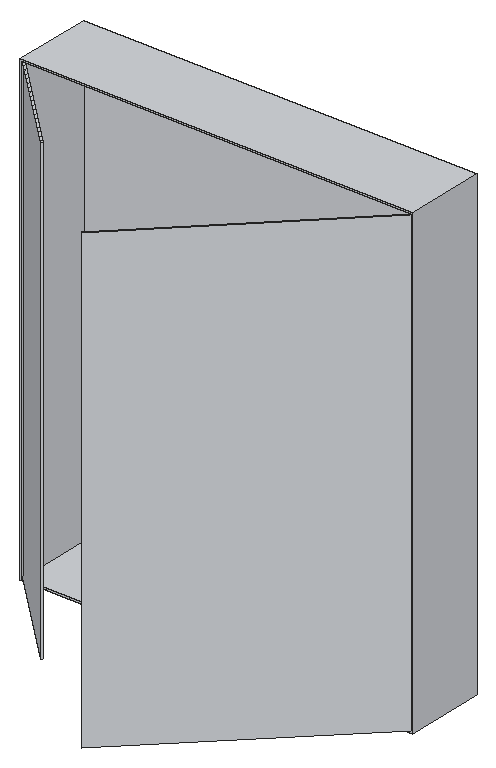
Revit family "Univers-IP44-leer-Aufputz-NoHosted-AT-de", category Electrical Equipment, Revit 2020
Family settings
  Panel Configuration = Two Columns, Circuits Across
  Round Connector Dimension = Use Diameter
  Part Type = Panelboard
  Work Plane-Based = Yes
  Always vertical = Yes
  Cut with Voids When Loaded = No
  Shared = No
  Room Calculation Point = No
Parameters (values of type "Aufputz IP44 B800 H950 T161 0 Teilungseinheiten - FWB63D")
  Width Control [instance] = if([HG000006 - Unterputz], if([EF000846 - Einbaubreite] > min_whd, [EF000846 - Einbaubreite], min_whd), if([EF000008 - Breite] > min_whd, ([EF000008 - Breite]), min_whd))  # 800 mm
  Void Depth [instance] = if([EF000218 - Einbautiefe] > 1 mm, [EF000218 - Einbautiefe], 1 mm)  # 161 mm
  Type Comments = [HG000003 - Bereich]  # "Univers"
  System Height [instance] = Height Control - 2 * [HG000005 - Dicke]  # 944 mm
  Panel Name [instance] = ""  # (empty or 0)
  Offset [instance] = 0 mm
  Model = [HG000004 - Herstellerreferenz]  # "FWB63D"
  Level Offset [instance] = [Flush Mounted - Door Frame Width] + Offset  # 0 mm
  HG000011 - Leere Reihen von unten = no
  HG000010 - Asymmetrische Türen = yes
  HG000009 - Doppelflügeligen Tür = yes
  HG000008 - Anzahl der leeren Reihen = 0
  HG000007 - Anzahl der leeren Spalten = 0
  HG000006 - Unterputz = no
  HG000005 - Dicke = 3 mm  # constant formula
  HG000004 - Herstellerreferenz = "FWB63D"
  HG000003 - Bereich = "Univers"
  HG000002 - Mit tür = yes
  HG000001 - Anzahl der Spalten = 0
  EF015941 - Signaldurchlassende Tür = no
  EF015777 - Neutralleiterklemmenblock = no
  EF015776 - Erdungsklemmenblock = no
  EF009212 - Ausführung Deckel = "EV000116 - geschlossen"
  EF006306 - Mit Schloss = no
  EF006244 - Transparenter Deckel/Tür = no
  EF005474 - Schutzart (IP) = "EV006418 - IP44"
  EF004462 - Art der Schließung = "EV000154 - sonstige"
  EF002950 - Breite in Teilungseinheiten = 0
  EF001596 - Werkstoff des Gehäuses = "EV000179 - Stahl"
  EF001134 - DIN-Schiene = no
  EF001131 - Innentiefe = 156 mm
  EF001088 - Anbaumöglichkeit = no
  EF001062 - EMV-Ausführung = no
  EF000846 - Einbaubreite = 800 mm
  EF000339 - Art der Abdeckung = "EV004216 - Tür"
  EF000332 - Einbauhöhe = 950 mm
  EF000266 - Anzahl der Reihen = 0
  EF000218 - Einbautiefe = 161 mm
  EF000118 - Mit Montageplatte = no
  EF000116 - RAL-Nummer = "9010"
  EF000049 - Tiefe = 161 mm
  EF000040 - Höhe = 950 mm
  EF000008 - Breite = 800 mm
  EF000007 - Farbe = "EV000202 - weiß"
  EF000003 - Montageart = "EV001247 - Aufputz/Unterputz"
  Description = ""
  Default Elevation = 1219.2 mm
  Arrow Offset [instance] = Depth Control / 8  # 20.125 mm
  Arrow Height [instance] = Depth Control - Arrow Offset  # 140.875 mm
  Host Offset [instance] = if([HG000006 - Unterputz], 0 mm, [EF000049 - Tiefe])  # 161 mm
  min_whd [instance] = (2 * [HG000005 - Dicke]) + 1 mm  # 7 mm
  Manufacturer = "Hager"  # constant formula
  Height Control [instance] = if([HG000006 - Unterputz], if([EF000332 - Einbauhöhe] > min_whd, [EF000332 - Einbauhöhe], min_whd), if([EF000040 - Höhe] > min_whd, ([EF000040 - Höhe]), min_whd))  # 950 mm
  Flush Mounted - Door Frame Width [instance] = if(([EF000040 - Höhe] - [EF000332 - Einbauhöhe]) > 0 mm, if([HG000006 - Unterputz], [EF000040 - Höhe] - [EF000332 - Einbauhöhe], 0 mm), 0 mm)  # 0 mm
  Tür rechts [instance] = yes
  Tür links [instance] = not(Tür rechts)  # no
  Türschwenkwinkel [instance] = 45.00°
  3D-Türsichtbarkeit [instance] = yes
  Depth Control [instance] = if([HG000006 - Unterputz], if([EF000218 - Einbautiefe] > 0 mm, [EF000218 - Einbautiefe], 1 mm), if([EF000049 - Tiefe] > 0 mm, ([EF000049 - Tiefe]), 1 mm))  # 161 mm
  Sichtbarkeit der Türöffnung [instance] = no
Types (21, lengths in mm): name | Width Control | Void Depth | System Height | Model | HG000010 - Asymmetrische Türen | HG000009 - Doppelflügeligen Tür | HG000004 - Herstellerreferenz | EF009212 - Ausführung Deckel | EF004462 - Art der Schließung | EF001131 - Innentiefe | EF000846 - Einbaubreite | EF000332 - Einbauhöhe | EF000218 - Einbautiefe | EF000049 - Tiefe | EF000040 - Höhe | EF000008 - Breite | Arrow Offset | Arrow Height | Host Offset | Height Control | Depth Control
  Aufputz IP44 B1050 H1100 T161 0 Teilungseinheiten - FWB74D | 1050 | 161 | 1094 | "FWB74D" | no | yes | "FWB74D" | "EV000116 - geschlossen" | "EV000154 - sonstige" | 160 | 1050 | 1100 | 161 | 161 | 1100 | 1050 | 20.125 | 140.875 | 161 | 1100 | 161
  Aufputz IP44 B1050 H500 T161 0 Teilungseinheiten - FWB34D | 1050 | 161 | 494 | "FWB34D" | no | yes | "FWB34D" | "EV000116 - geschlossen" | "EV000154 - sonstige" | 156 | 1050 | 500 | 161 | 161 | 500 | 1050 | 20.125 | 140.875 | 161 | 500 | 161
  Aufputz IP44 B1050 H650 T161 0 Teilungseinheiten - FWB44D | 1050 | 161 | 644 | "FWB44D" | no | yes | "FWB44D" | "EV000116 - geschlossen" | "EV000154 - sonstige" | 156 | 1050 | 650 | 161 | 161 | 650 | 1050 | 20.125 | 140.875 | 161 | 650 | 161
  Aufputz IP44 B1050 H800 T161 0 Teilungseinheiten - FWB54D | 1050 | 161 | 794 | "FWB54D" | no | yes | "FWB54D" | "EV000116 - geschlossen" | "EV000154 - sonstige" | 156 | 1050 | 800 | 161 | 161 | 800 | 1050 | 20.125 | 140.875 | 161 | 800 | 161
  Aufputz IP44 B1050 H950 T161 0 Teilungseinheiten - FWB64D | 1050 | 161 | 944 | "FWB64D" | no | yes | "FWB64D" | "EV000116 - geschlossen" | "EV000154 - sonstige" | 156 | 1050 | 950 | 161 | 161 | 950 | 1050 | 20.125 | 140.875 | 161 | 950 | 161
  Aufputz IP44 B300 H1100 T161 0 Teilungseinheiten - FWB71D | 300 | 161 | 1094 | "FWB71D" | no | no | "FWB71D" | "EV000116 - geschlossen" | "EV000154 - sonstige" | 160 | 300 | 1100 | 161 | 161 | 1100 | 300 | 20.125 | 140.875 | 161 | 1100 | 161
  Aufputz IP44 B300 H1250 T160 0 Teilungseinheiten - FWB81D | 300 | 160 | 1244 | "FWB81D" | no | no | "FWB81D" | "EV000116 - geschlossen" | "0" | 160 | 300 | 1250 | 160 | 160 | 1250 | 300 | 20 | 140 | 160 | 1250 | 160
  Aufputz IP44 B300 H500 T161 0 Teilungseinheiten - FWB31D | 300 | 161 | 494 | "FWB31D" | no | no | "FWB31D" | "EV000116 - geschlossen" | "EV000154 - sonstige" | 156 | 300 | 500 | 161 | 161 | 500 | 300 | 20.125 | 140.875 | 161 | 500 | 161
  Aufputz IP44 B300 H650 T161 0 Teilungseinheiten - FWB41D | 300 | 161 | 644 | "FWB41D" | no | no | "FWB41D" | "EV000116 - geschlossen" | "EV000154 - sonstige" | 160 | 300 | 650 | 161 | 161 | 650 | 300 | 20.125 | 140.875 | 161 | 650 | 161
  Aufputz IP44 B300 H800 T161 0 Teilungseinheiten - FWB51D | 300 | 161 | 794 | "FWB51D" | no | no | "FWB51D" | "EV000116 - geschlossen" | "EV000154 - sonstige" | 160 | 300 | 800 | 161 | 161 | 800 | 300 | 20.125 | 140.875 | 161 | 800 | 161
  Aufputz IP44 B300 H950 T161 0 Teilungseinheiten - FWB61D | 300 | 161 | 944 | "FWB61D" | no | no | "FWB61D" | "EV000116 - geschlossen" | "EV000154 - sonstige" | 160 | 300 | 950 | 161 | 161 | 950 | 300 | 20.125 | 140.875 | 161 | 950 | 161
  Aufputz IP44 B550 H1100 T161 0 Teilungseinheiten - FWB72D | 550 | 161 | 1094 | "FWB72D" | no | no | "FWB72D" | "EV000116 - geschlossen" | "EV000154 - sonstige" | 160 | 550 | 1100 | 161 | 161 | 1100 | 550 | 20.125 | 140.875 | 161 | 1100 | 161
  Aufputz IP44 B550 H500 T161 0 Teilungseinheiten - FWB32D | 550 | 161 | 494 | "FWB32D" | no | no | "FWB32D" | "EV000116 - geschlossen" | "EV000154 - sonstige" | 156 | 550 | 500 | 161 | 161 | 500 | 550 | 20.125 | 140.875 | 161 | 500 | 161
  Aufputz IP44 B550 H650 T161 0 Teilungseinheiten - FWB42D | 550 | 161 | 644 | "FWB42D" | no | no | "FWB42D" | "EV000116 - geschlossen" | "EV000154 - sonstige" | 160 | 550 | 650 | 161 | 161 | 650 | 550 | 20.125 | 140.875 | 161 | 650 | 161
  Aufputz IP44 B550 H800 T161 0 Teilungseinheiten - FWB52D | 550 | 161 | 794 | "FWB52D" | no | no | "FWB52D" | "EV000116 - geschlossen" | "EV000154 - sonstige" | 160 | 550 | 800 | 161 | 161 | 800 | 550 | 20.125 | 140.875 | 161 | 800 | 161
  Aufputz IP44 B550 H950 T161 0 Teilungseinheiten - FWB62D | 550 | 161 | 944 | "FWB62D" | no | no | "FWB62D" | "EV000116 - geschlossen" | "EV000154 - sonstige" | 160 | 550 | 950 | 161 | 161 | 950 | 550 | 20.125 | 140.875 | 161 | 950 | 161
  Aufputz IP44 B800 H1100 T161 0 Teilungseinheiten - FWB73D | 800 | 161 | 1094 | "FWB73D" | yes | yes | "FWB73D" | "EV000116 - geschlossen" | "EV000154 - sonstige" | 156 | 800 | 1100 | 161 | 161 | 1100 | 800 | 20.125 | 140.875 | 161 | 1100 | 161
  Aufputz IP44 B800 H500 T161 0 Teilungseinheiten - FWB33D | 800 | 161 | 494 | "FWB33D" | yes | yes | "FWB33D" | "EV000116 - geschlossen" | "EV000154 - sonstige" | 160 | 800 | 500 | 161 | 161 | 500 | 800 | 20.125 | 140.875 | 161 | 500 | 161
  Aufputz IP44 B800 H650 T161 0 Teilungseinheiten - FWB43D | 800 | 161 | 644 | "FWB43D" | yes | yes | "FWB43D" | "EV009916 - mit Ausschnitt" | "EV000154 - sonstige" | 160 | 800 | 650 | 161 | 161 | 650 | 800 | 20.125 | 140.875 | 161 | 650 | 161
  Aufputz IP44 B800 H800 T161 0 Teilungseinheiten - FWB53D | 800 | 161 | 794 | "FWB53D" | yes | yes | "FWB53D" | "EV000116 - geschlossen" | "EV000154 - sonstige" | 160 | 800 | 800 | 161 | 161 | 800 | 800 | 20.125 | 140.875 | 161 | 800 | 161
  Aufputz IP44 B800 H950 T161 0 Teilungseinheiten - FWB63D | 800 | 161 | 944 | "FWB63D" | yes | yes | "FWB63D" | "EV000116 - geschlossen" | "EV000154 - sonstige" | 156 | 800 | 950 | 161 | 161 | 950 | 800 | 20.125 | 140.875 | 161 | 950 | 161
Reference planes
  plane 1 "Center (Front/Back)": y = 0
  plane 2: z = 0
  plane 3 "Center (Left/Right)": x = 0
  plane 4: y = 3
  plane 5: y = 0
  plane 6: y = 0
  plane 7: z = 0
  plane 8: x = -400
  plane 9: x = 400
  plane 10: x = 397
  plane 11: x = -397
  plane 12: z = 0
  plane 13: z = 3
  plane 14: y = -156
  plane 15: y = -161
  plane 16: y = -3
  plane 17: z = 947
  plane 18: z = 950
  plane 19: z = 475
  plane 20: x = 2000
  plane 21: x = 0
  plane 22: y = -2100
  plane 23: y = -100
Forms (mm)
  Extrusion 1, solid
    sketch origin (-208.679, -4572, 0) x (-1, 0, 0) y (0, -1, 0)
      loop
        line (191.321, -4411) -> (-608.679, -4411) -> (-608.679, -4572) -> (191.321, -4572) -> (191.321, -4411)
    from 0 to 950 <- "Height Control"
  Extrusion 2, void
    sketch origin (-350.771, -161, 1219.2) x (1, 0, 0) y (0, 0, 1)
      loop
        line (-46.229, -272.2) -> (-46.229, -1216.2) -> (747.771, -1216.2) -> (747.771, -272.2) -> (-46.229, -272.2)
    from 0 to -158
  Extrusion 3, solid, detail levels coarse
    sketch origin (-350.771, -161, 1219.2) x (-1, 0, 0) y (0, 0, 1)
      loop
        line (46.229, -272.2) -> (-747.771, -272.2) -> (-747.771, -1216.2) -> (46.229, -1216.2) -> (46.229, -272.2)
    from 0 to 3 <- "HG000005 - Dicke"
Cuts and joins
  Extrusion 2 cuts Extrusion 1
Dimensions and locks
  "Flush Mounted - Door Frame Width": plane 1 "Center (Front/Back)" to plane 6
  "HG000005 - Dicke": plane 4 to plane 6
  "HG000005 - Dicke": plane 8 to plane 11
  "HG000005 - Dicke": plane 9 to plane 10
  equal spacing: plane 8, plane 3 "Center (Left/Right)", plane 9
  "Width Control": plane 8 to plane 9
  locked: plane 14 to plane 15 at 5
  "Host Offset": plane 1 "Center (Front/Back)" to plane 15
  "Depth Control": plane 5 to plane 15
  "HG000005 - Dicke": plane 5 to plane 16
  "HG000005 - Dicke": plane 13 to plane 12
  "Level Offset": plane 12 to level
  "HG000005 - Dicke": plane 18 to plane 17
  "Height Control": plane 18 to plane 12
  "Arrow Offset": plane 5 to nested 4
  equal spacing: plane 18, plane 19, plane 12
  locked: connector elem to plane 19
  locked: connector elem to plane 3 "Center (Left/Right)"
  locked: plane 3 "Center (Left/Right)" to plane 20 at 2000
  locked: plane 21 to plane 20 at 2000
  locked: plane 23 to plane 22 at 2000
  aligned and locked: nested 1 to plane 14
  aligned and locked: plane 3 "Center (Left/Right)" to nested 1
  aligned and locked: plane 3 "Center (Left/Right)" to nested 2
  aligned and locked: nested 2 to plane 15
  aligned and locked: Extrusion 1 to plane 5
  aligned and locked: Extrusion 3 sketch curve to plane 17
  aligned and locked: Extrusion 3 sketch curve to plane 11
  aligned and locked: Extrusion 3 sketch curve to plane 13
  aligned and locked: Extrusion 3 sketch curve to plane 10
  aligned and locked: Extrusion 2 sketch curve to plane 13
  aligned and locked: Extrusion 2 sketch curve to plane 10
  aligned and locked: Extrusion 2 sketch curve to plane 17
  aligned and locked: Extrusion 2 sketch curve to plane 11
  aligned and locked: plane 16 to Extrusion 2
  aligned and locked: Extrusion 1 sketch curve to plane 5
  aligned and locked: plane 9 to Extrusion 1 sketch curve
  aligned and locked: plane 8 to Extrusion 1 sketch curve
  aligned and locked: plane 8 to nested 4
  aligned and locked: plane 8 to nested 3
  aligned and locked: nested 3 to plane 5
  aligned and locked: Extrusion 1 sketch curve to plane 15
  aligned and locked: Extrusion 2 to plane 15
Nested families
  nested 1: "Hager_Enclosure_System" at (0, -156, 3), No_Columns <- "HG000001 - Anzahl der Spalten", Flush_Mounted <- "HG000006 - Unterputz", Width <- "EF000008 - Breite", Height <- "System Height", Width_Control <- "Width Control", Row_Module_Multiplicator <- "EF002950 - Breite in Teilungseinheiten", Empty_Columns <- "HG000007 - Anzahl der leeren Spalten", No_Rows <- "EF000266 - Anzahl der Reihen", Built-in_Width <- "EF000846 - Einbaubreite", Border <- "HG000005 - Dicke", Total_No_Empty_Rows <- "HG000008 - Anzahl der leeren Reihen", Depth <- "HG000005 - Dicke", Empty_Rows_From_Bottom <- "HG000011 - Leere Reihen von unten", type "Hager_Enclosure_System", detail levels medium+fine
    with Width_Control 800 mm, Width 800 mm, Total_No_Rows 0, Total_No_Empty_Rows 0, Total_No_Columns 1, System_Width 794 mm, Rows_Column 0, Row_Module_Multiplicator 0, Panel_4 no, Panel_3 no, Panel_2 no, Panel_1 no, No_Rows 0, No_Panels_Ctrl 1, No_Columns 0, Hide_Columns yes, Height 944 mm, Flush_Mounted no, Empty_Rows_From_Bottom no, Empty_Rows_Column 0, Empty_Columns 0, Depth 3 mm, Column_Width 794 mm, Built-in_Width 800 mm, Border 3 mm
  nested 2: "Hager_Enclosure_Door" at (0, -161, 0), Double <- "HG000009 - Doppelflügeligen Tür", Height_Ctrl <- "Height Control", Transparent <- "EF006244 - Transparenter Deckel/Tür", Depth <- "EF000049 - Tiefe", Height <- "EF000040 - Höhe", Angle <- "Türschwenkwinkel", Door_Right <- "Tür rechts", Assymetrical <- "HG000010 - Asymmetrische Türen", Flush_Mounted <- "HG000006 - Unterputz", BuiltIn_Depth <- "EF000218 - Einbautiefe", BuiltIn_Width <- "EF000846 - Einbaubreite", Door <- "HG000002 - Mit tür", Width_Ctrl <- "Width Control", 3d_Door <- "3D-Türsichtbarkeit", Width <- "EF000008 - Breite", Border <- "HG000005 - Dicke", BuiltIn_Height <- "EF000332 - Einbauhöhe", Clearance <- "Sichtbarkeit der Türöffnung", Door_Left <- "Tür links", type "Hager_Enclosure_Door", detail levels medium+fine
    with min_wh 7 mm, Width_Ctrl 800 mm, Width 800 mm, Transparent no, Leaf_Width 791 mm, Leaf_Tolerance 1.5 mm, Leaf_Height 941 mm, Leaf_2_Width 526.583 mm, Leaf_2_Offset 263.292 mm, Leaf_1_Width 262.917 mm, Leaf_1_Offset 131.458 mm, Height_Ctrl 950 mm, Height 950 mm, Frame_Width_Ctrl 1 mm, Frame_Width 0 mm, Frame_Internal_Offset 0 mm, Frame_Height_Ctrl 1 mm, Frame_Height 0 mm, Frame_Depth_Ctrl 1 mm, Frame_Depth 0 mm, Flush_Mounted no, Double_Clearance_Ctrl no, Double yes, Door_Right_Ctrl yes, Door_Right yes, Door_Left_Ctrl yes, Door_Left no, Door yes, Depth 161 mm, Clearance_Depth 526.583 mm, Clearance_Ctrl no, Clearance no, BuiltIn_Width 800 mm, BuiltIn_Height 950 mm, BuiltIn_Depth 161 mm, Border 3 mm, Assymetrical yes, Angle 45.00°, 3d_Door yes
  nested 3: "Hager_Enclosure_Symbol_Triangle" at (-400, 0, 0), Depth <- "Depth Control", Width <- "Width Control", type "Hager_Enclosure_Symbol_Triangle"
    with Width_Ctrl 800 mm, Width 800 mm, Depth_Ctrl 161 mm, Depth 161 mm
  nested 4: "Hager_Enclosure_Symbol_Arrow" at (-400, -20.125, 0), Height <- "Arrow Height", type "Hager_Enclosure_Symbol_Arrow"
    with Width_Inside 10.566 mm, Width 126.788 mm, Height_Ctrl 140.875 mm, Height 140.875 mm
Connectors
  electrical at (0, 0, 475)
    settings: on plane 5, index 1, voltage 0 V, apparent load 0 VA, apparent load phase1 0 VA, apparent load phase2 0 VA, apparent load phase3 0 VA, power factor 1, load classification "Other", number of poles 1, system type 30, power factor state 1, is connector primary yes, connector utility no, sub classification motor no, connector description ""
Definition of nested family "Hager_Enclosure_Door"
  Parameters (values of type "Hager_Enclosure_Door")
    min_wh [instance] = (2 * Border) + 1 mm  # 11 mm
    Width_Ctrl [instance] = 400 mm
    Width [instance] = 500 mm
    Transparent [instance] = yes
    Leaf_Width [instance] = if((Width_Ctrl - 2 * Border - 2 * Leaf_Tolerance) > 0 mm, (Width_Ctrl - 2 * Border - 2 * Leaf_Tolerance), min_wh)  # 387 mm
    Leaf_Tolerance [instance] = 1.5 mm  # constant formula
    Leaf_Height [instance] = if((Height_Ctrl - 2 * Border - 2 * Leaf_Tolerance) > 0 mm, (Height_Ctrl - 2 * Border - 2 * Leaf_Tolerance), min_wh)  # 387 mm
    Leaf_2_Width [instance] = if(and(and(Double, Assymetrical), Door_Left), (Leaf_Width / 3) - (Leaf_Tolerance / 2), if(and(and(Double, Assymetrical), Door_Right), (Leaf_Width / 3) * 2 - (Leaf_Tolerance / 2), if(and(Double, not(Assymetrical)), (Leaf_Width / 2) - Leaf_Tolerance, Leaf_Width)))  # 192 mm
    Leaf_2_Offset [instance] = if(and(Double, Assymetrical), Leaf_2_Width / 2, if(and(Double, not(Assymetrical)), Leaf_Width / 4, Leaf_Width / 2))  # 96.75 mm
    Leaf_1_Width [instance] = if(and(and(Double, Assymetrical), Door_Right), (Leaf_Width / 3) - (Leaf_Tolerance / 2), if(and(and(Double, Assymetrical), Door_Left), (Width / 3) * 2 - (Leaf_Tolerance / 2), if(and(Double, not(Assymetrical)), (Leaf_Width / 2) - Leaf_Tolerance, Leaf_Width)))  # 192 mm
    Leaf_1_Offset [instance] = if(and(Double, Assymetrical), Leaf_1_Width / 2, if(and(Double, not(Assymetrical)), Leaf_Width / 4, Leaf_Width / 2))  # 96.75 mm
    Height_Ctrl [instance] = 400 mm
    Height [instance] = 500 mm
    Frame_Width_Ctrl [instance] = if(Frame_Width > 0 mm, Frame_Width, 1 mm)  # 1 mm
    Frame_Width [instance] = Width - BuiltIn_Width  # 0 mm
    Frame_Internal_Offset [instance] = if(Flush_Mounted, Border, 0 mm)  # 0 mm
    Frame_Height_Ctrl [instance] = if(Frame_Height > 0 mm, Frame_Height, 1 mm)  # 1 mm
    Frame_Height [instance] = Height - BuiltIn_Height  # 0 mm
    Frame_Depth_Ctrl [instance] = if(Frame_Depth > 0 mm, Frame_Depth, 1 mm)  # 1 mm
    Frame_Depth [instance] = if(Depth - BuiltIn_Depth > 0 mm, if(Flush_Mounted, Depth - BuiltIn_Depth, 0 mm), 0 mm)  # 0 mm
    Flush_Mounted [instance] = no
    Double_Clearance_Ctrl [instance] = and(Double, Clearance)  # yes
    Double [instance] = yes
    Door_Right_Ctrl [instance] = and(or(Door_Right, Double), Door)  # yes
    Door_Right [instance] = yes
    Door_Left_Ctrl [instance] = and(or(Door_Left, Double), Door)  # yes
    Door_Left [instance] = no
    Door [instance] = yes
    Depth [instance] = 500 mm
    Default Elevation = 1219.2 mm
    Clearance_Material = none
    Clearance_Depth [instance] = if(Leaf_1_Width > Leaf_2_Width, Leaf_1_Width, Leaf_2_Width)  # 192 mm
    Clearance_Ctrl [instance] = and(not(Double), Clearance)  # no
    Clearance [instance] = yes
    BuiltIn_Width [instance] = 500 mm
    BuiltIn_Height [instance] = 500 mm
    BuiltIn_Depth [instance] = 500 mm
    Border [instance] = 5 mm
    Assymetrical [instance] = no
    Angle [instance] = 65.00°
    3d_Door [instance] = yes
  Reference planes
    plane 1 "Center (Front/Back)": y = 0
    plane 2 "Bottom": z = 0
    plane 3 "Center (Left/Right)": x = 0
    plane 4: z = 400
    plane 5: x = -200
    plane 6: x = 200
    plane 7: z = 395
    plane 8: x = -195
    plane 9: z = 5
    plane 10: x = 195
    plane 11: y = 0
    plane 12: z = 6.5
    plane 13: x = -387
    plane 14: y = -192
    plane 15: x = 387
    plane 16: x = -96.75
    plane 17: x = 96.75
    plane 18: x = -193.5
    plane 19: x = 193.5
    plane 20: z = 393.5
  Forms (mm)
    Extrusion 1, solid, visible <- "Flush_Mounted"
      sketch origin (0, 0, 0) x (1, 0, 0) y (0, 0, 1)
        loop
          line (200, 0) -> (200, 400) -> (-200, 400) -> (-200, 0) -> (200, 0)
        loop
          line (-201, 401) -> (-201, -1) -> (201, -1) -> (201, 401) -> (-201, 401)
      from 0 to 1 <- "Frame_Depth_Ctrl"
    Extrusion 2, solid, material <- "Clearance_Material", visible <- "Double_Clearance_Ctrl"
      sketch origin (1200, 0, 0) x (1, 0, 0) y (0, 0, -1)
        loop
          line (-1587, -393.5) -> (-813, -393.5) -> (-813, 0) -> (-1587, 0) -> (-1587, -393.5)
      from 0 to -192
  Dimensions and locks
    equal spacing: plane 5, plane 3 "Center (Left/Right)", plane 6
    "Width_Ctrl": plane 5 to plane 6
    "Border": plane 5 to plane 8
    "Border": plane 6 to plane 10
    "Border": plane 9 to level
    "Border": plane 4 to plane 7
    "Height_Ctrl": plane 4 to level
    "Leaf_Tolerance": plane 12 to plane 9
    "Frame_Depth": plane 11 to plane 1 "Center (Front/Back)"
    "Frame_Width_Ctrl": plane 5 to Extrusion 1 sketch curve
    "Frame_Width_Ctrl": plane 6 to Extrusion 1 sketch curve
    "Frame_Width_Ctrl": Extrusion 1 sketch curve to plane 4
    "Frame_Width_Ctrl": plane 2 "Bottom" to Extrusion 1 sketch curve
    "Leaf_1_Offset": plane 18 to plane 16
    "Leaf_2_Offset": plane 17 to plane 19
    "Leaf_1_Width": plane 13 to plane 8
    "Leaf_2_Width": plane 10 to plane 15
    "Clearance_Depth": plane 14 to plane 1 "Center (Front/Back)"
    "Leaf_Tolerance": plane 8 to plane 18
    "Leaf_Tolerance": plane 19 to plane 10
    "Leaf_Tolerance": plane 7 to plane 20
    "Frame_Internal_Offset": plane 5 to Extrusion 1 sketch curve
    "Frame_Internal_Offset": Extrusion 1 sketch curve to plane 2 "Bottom"
    "Frame_Internal_Offset": plane 6 to Extrusion 1 sketch curve
    "Frame_Internal_Offset": plane 4 to Extrusion 1 sketch curve
    aligned and locked: level to plane 2 "Bottom"
    aligned and locked: nested 1 to plane 16
    aligned and locked: nested 2 to plane 17
    aligned and locked: Extrusion 2 to plane 13
    aligned and locked: plane 15 to Extrusion 2
    aligned and locked: Extrusion 2 to plane 14
    aligned and locked: plane 12 to nested 1
    aligned and locked: nested 2 to plane 12
    aligned and locked: Extrusion 2 to plane 11
    aligned and locked: plane 20 to Extrusion 2
    aligned and locked: nested 2 to plane 11
    aligned and locked: nested 1 to plane 11
  Automatic sketch dimensions
    Extrusion 2 sketch curve to level = 0 mm
    plane 5 to Extrusion 2 sketch curve = 187 mm
    plane 6 to Extrusion 2 sketch curve = 187 mm
    Extrusion 2 sketch curve to plane 4 = 6.5 mm
  Nested families
    nested 1: "Hager_Enclosure_Door_Leaf" at (-96.75, 0, 6.5), Width <- "Leaf_1_Width", visible <- "Door_Left_Ctrl", Leaf_Height <- "Leaf_Height", Angle <- "Angle", Depth <- "Border", 3d_Door <- "3d_Door", Transparent <- "Transparent", Clearance Material <- "Clearance_Material", Clearance <- "Clearance_Ctrl", type "Hager_Enclosure_Door_Leaf"
      with Width 192 mm, Transparent_Door_Border 25 mm, Transparent_Ctrl yes, Transparent yes, Standard no, Leaf_Height 387 mm, Glass_Offset 1 mm, Depth 5 mm, Clearance Material none, Clearance no, Angle_Ctrl 65.00°, Angle 65.00°, 3d_Door yes
    nested 2: "Hager_Enclosure_Door_Leaf" at (96.75, 0, 6.5) x (-1, 0, 0) z (0, 0, 1), Width <- "Leaf_2_Width", visible <- "Door_Right_Ctrl", Leaf_Height <- "Leaf_Height", Angle <- "Angle", Depth <- "Border", 3d_Door <- "3d_Door", Transparent <- "Transparent", Clearance Material <- "Clearance_Material", Clearance <- "Clearance_Ctrl", type "Hager_Enclosure_Door_Leaf"
      with Width 192 mm, Transparent_Door_Border 25 mm, Transparent_Ctrl yes, Transparent yes, Standard no, Leaf_Height 387 mm, Glass_Offset 1 mm, Depth 5 mm, Clearance Material none, Clearance no, Angle_Ctrl 65.00°, Angle 65.00°, 3d_Door yes
  Definition of nested family "Hager_Enclosure_Door_Leaf"
    Parameters (values of type "Hager_Enclosure_Door_Leaf")
      Width [instance] = 200 mm
      Transparent_Door_Border [instance] = 25 mm  # constant formula
      Transparent_Ctrl [instance] = and(Transparent, [3d_Door])  # yes
      Transparent [instance] = yes
      Standard [instance] = and(not(Transparent), [3d_Door])  # no
      Leaf_Height [instance] = 500 mm
      Glass_Offset [instance] = if((Depth - 10 mm) / 2 > 0 mm, (Depth - 10 mm) / 2, 1 mm)  # 1 mm
      Glass_Material = none
      Depth [instance] = 3 mm
      Default Elevation = 0 mm
      Clearance Material [instance] = none
      Clearance [instance] = no
      Angle_Ctrl [instance] = if(Angle > 170.00°, 170.00°, Angle)  # 163.00°
      Angle [instance] = 163.00°
      3d_Door [instance] = yes
    Reference planes
      plane 1 "Center (Front/Back)": y = 0
      plane 2: z = 0
      plane 3 "Center (Left/Right)": x = 0
      plane 4: y = 200
      plane 5: x = -100
      plane 6: x = 100
      plane 7: x = -300
      plane 8: z = 500
      plane 9: z = 25
      plane 10: z = 475
      plane 11: x = 75
      plane 12: x = -75
    Forms (mm)
      Extrusion 1, solid, material <- "Clearance Material", visible <- "Clearance"
        sketch origin (0, 0, 0) x (1, 0, 0) y (0, 0, 1)
          loop
            line (-300, 500) -> (-300, 0) -> (100, 0) -> (100, 500) -> (-300, 500)
        from 0 to -200
      Extrusion 2, solid, visible <- "Standard", detail levels fine
        sketch origin (-100, 0, 0) x (-0.956305, 0.292372, 0) y (-0.292372, -0.956305, 0)
          loop
            line (0, -3) -> (200, -3) -> (200, 0) -> (0, 0) -> (0, -3)
        from 0 to 500 <- "Leaf_Height"
      Extrusion 3, solid, visible <- "Transparent_Ctrl", detail levels fine
        sketch origin (-100, 0, 0) x (-0.956305, 0.292372, 0) y (-0.292372, -0.956305, 0)
          loop
            line (0, -3) -> (200, -3) -> (200, 0) -> (0, 0) -> (0, -3)
        from 0 to 500 <- "Leaf_Height"
      Extrusion 4, void, detail levels fine
        sketch origin (-100, 0, 0) x (-0.292372, -0.956305, 0) y (-0.956305, 0.292372, 0)
          loop
            line (0, 25) -> (0, 175) -> (-3, 175) -> (-3, 25) -> (0, 25)
        from -475 to -25
      Extrusion 5, solid, material <- "Glass_Material", visible <- "Transparent_Ctrl", detail levels fine
        sketch origin (-100, 0, 0) x (-0.956305, 0.292372, 0) y (-0.292372, -0.956305, 0)
          loop
            line (25, -1) -> (25, -2) -> (175, -2) -> (175, -1) -> (25, -1)
        from 25 to 475
    Cuts and joins
      Extrusion 4 cuts Extrusion 3
    Lines and regions (mm)
      symbolic lines
        curve 1: line (100, 0, 0) -> (-300, 0, 0)
        curve 2: arc (100, 0, 0) -> (-100, 200, 0) -> (-300, 0, 0) r 200
        curve 4: line (-100, 0, 0) -> (-291.261, 58.474, 0)
      reference lines
        curve 3: line (-100, 0, 0) -> (-291.261, 58.474, 0)
      symbolic lines, detail levels medium+fine
        curve 5: line (-291.261, 58.474, 0) -> (-290.384, 61.343, 0)
        curve 6: line (-290.384, 61.343, 0) -> (-99.123, 2.869, 0)
        curve 7: line (-99.123, 2.869, 0) -> (-100, 0, 0)
      symbolic lines, detail levels fine
        curve 8: line (-100, 0, 500) -> (100, 0, 500)
        curve 9: line (-100, 0, 0) -> (-100, 0, 500)
        curve 10: line (100, 0, 0) -> (-100, 0, 0)
        curve 11: line (100, 0, 500) -> (100, 0, 0)
      symbolic lines, visible <- "Transparent_Ctrl", detail levels fine
        curve 12: line (-75, 0, 475) -> (75, 0, 475)
        curve 13: line (-75, 0, 25) -> (-75, 0, 475)
        curve 14: line (75, 0, 25) -> (-75, 0, 25)
        curve 15: line (75, 0, 475) -> (75, 0, 25)
    Dimensions and locks
      "Width": plane 1 "Center (Front/Back)" to plane 4
      equal spacing: plane 5, plane 3 "Center (Left/Right)", plane 6
      "Width": plane 5 to plane 6
      "Width": plane 7 to plane 5
      "Leaf_Height": plane 8 to level
      "Depth": curve 6 to curve 3
      "Width": curve 5 to curve 3
      "Width": curve 3 to curve 3
      "Transparent_Door_Border": Extrusion 4 sketch curve to curve 7
      "Transparent_Door_Border": Extrusion 4 sketch curve to curve 5
      "Transparent_Door_Border": plane 8 to plane 10
      "Transparent_Door_Border": plane 9 to level
      "Glass_Offset": Extrusion 5 sketch curve to curve 4
      "Glass_Offset": Extrusion 5 sketch curve to curve 6
      "Transparent_Door_Border": Extrusion 5 sketch curve to curve 5
      "Transparent_Door_Border": Extrusion 5 sketch curve to curve 7
      "Transparent_Door_Border": plane 12 to plane 5
      "Transparent_Door_Border": plane 6 to plane 11
      "Angle_Ctrl": angle plane 1 "Center (Front/Back)" to curve 3
      aligned and locked: level to plane 2
      aligned and locked: Extrusion 1 to curve 1
      aligned and locked: plane 6 to Extrusion 1
      aligned and locked: plane 1 "Center (Front/Back)" to Extrusion 1
      aligned and locked: plane 4 to Extrusion 1
      aligned and locked: plane 8 to Extrusion 1
      aligned and locked: curve 4 to curve 3
      aligned and locked: Extrusion 2 sketch curve to curve 7
      aligned and locked: Extrusion 2 sketch curve to curve 6
      aligned and locked: Extrusion 2 sketch curve to curve 5
      aligned and locked: Extrusion 2 sketch curve to curve 3
      aligned and locked: curve 7 to Extrusion 3 sketch curve
      aligned and locked: Extrusion 3 sketch curve to curve 4
      aligned and locked: Extrusion 3 sketch curve to curve 6
      aligned and locked: Extrusion 3 sketch curve to curve 5
      aligned and locked: curve 4 to Extrusion 4 sketch curve
      aligned and locked: curve 6 to Extrusion 4 sketch curve
      aligned and locked: Extrusion 4 to plane 9
      aligned and locked: Extrusion 4 to plane 10
      aligned and locked: Extrusion 5 to plane 9
      aligned and locked: Extrusion 5 to plane 10
      aligned and locked: curve 8 to plane 8
      aligned and locked: plane 5 to curve 9
      aligned and locked: plane 2 to curve 10
      aligned and locked: curve 11 to plane 6
      aligned and locked: plane 10 to curve 12
      aligned and locked: plane 12 to curve 13
      aligned and locked: plane 9 to curve 14
      aligned and locked: plane 11 to curve 15
    Automatic sketch dimensions
      plane 1 "Center (Front/Back)" to curve 2 = 0 mm
      curve 2 to plane 5 = 0 mm
      Extrusion 1 sketch curve to level = 0 mm
      Extrusion 1 sketch curve to plane 7 = 0 mm
      Extrusion 1 sketch curve to plane 6 = 0 mm
      Extrusion 1 sketch curve to plane 8 = 0 mm
      plane 1 "Center (Front/Back)" to curve 3 = 0 mm
      curve 3 to plane 5 = 0 mm
      curve 7 to curve 3 = 0 mm
Definition of nested family "Hager_Enclosure_Symbol_Triangle"
  Parameters (values of type "Hager_Enclosure_Symbol_Triangle")
    Width_Ctrl [instance] = if(Width > 1 mm, Width, 1 mm)  # 498 mm
    Width [instance] = 498 mm
    Depth_Ctrl [instance] = if(Depth > 1 mm, Depth, 1 mm)  # 72 mm
    Depth [instance] = 72 mm
  Reference planes
    plane 1 "Centre (avant/arrière)": y = 0
    plane 2: z = 0
    plane 3 "Centre (gauche/droite)": x = 0
  Lines and regions (mm)
    Filled region 1, type "Solid_Black", in view "Niveau de réf."
      outline origin (0, 0, 0) x (1, 0, 0) y (0, 1, 0)
        loop
          line (0, 0) -> (498, 0) -> (498, 72) -> (0, 0)
    reference lines, in view "Niveau de réf."
      curve 1: line (-206.153, 72, 0) -> (1083.258, 72, 0)
      curve 2: line (498, 405.456, 0) -> (498, -517.619, 0)
  Dimensions and locks
    "Depth_Ctrl": plane 1 "Centre (avant/arrière)" to curve 1
    "Width_Ctrl": plane 3 "Centre (gauche/droite)" to curve 2
    aligned and locked: curve 1 to Filled region 1 sketch curve
    aligned and locked: Filled region 1 sketch curve to plane 1 "Centre (avant/arrière)"
    aligned and locked: curve 2 to Filled region 1 sketch curve
    aligned and locked: plane 3 "Centre (gauche/droite)" to Filled region 1 sketch curve
    aligned and locked: plane 1 "Centre (avant/arrière)" to Filled region 1 sketch curve
  Automatic sketch dimensions
    curve 1 to plane 3 "Centre (gauche/droite)" = 206.153 mm
    curve 2 to curve 1 = 585.258 mm
    plane 1 "Centre (avant/arrière)" to curve 2 = 517.619 mm
    curve 2 to plane 1 "Centre (avant/arrière)" = 405.456 mm
Definition of nested family "Hager_Enclosure_Symbol_Arrow"
  Parameters (values of type "Hager_Enclosure_Symbol_Arrow")
    Width_Inside [instance] = if(Width / 12 > 2 mm, Width / 12, 2 mm)  # 4.987 mm
    Width [instance] = if(Height_Ctrl * 0.9 > 2 mm, Height_Ctrl * 0.9, 2 mm)  # 59.85 mm
    Height_Ctrl [instance] = if(Height > 2 mm, Height, 2 mm)  # 66.5 mm
    Height [instance] = 66.5 mm
  Reference planes
    plane 1 "Centre (avant/arrière)": y = 0
    plane 2: z = 0
    plane 3 "Centre (gauche/droite)": x = 0
    plane 4: x = 59.85
    plane 5: y = 28.263
    plane 6: y = 38.238
    plane 7: y = 66.5
    plane 8: x = 29.925
    plane 9: y = 33.25
  Lines and regions (mm)
    Filled region 1, type "Solid_Black", in view "Niveau de réf."
      outline origin (0, 0, 0) x (1, 0, 0) y (0, 1, 0)
        loop
          line (59.85, 66.5) -> (37.929, 52.827) -> (51.846, 41.935) -> (59.85, 66.5)
    detail lines, in view "Niveau de réf."
      curve 1: line (0, 0, 0) -> (29.925, 38.238, 0)
      curve 2: line (29.925, 38.238, 0) -> (29.925, 28.263, 0)
      curve 3: line (29.925, 28.263, 0) -> (59.85, 66.5, 0)
  Dimensions and locks
    "Width": plane 3 "Centre (gauche/droite)" to plane 4
    "Height_Ctrl": plane 7 to plane 1 "Centre (avant/arrière)"
    equal spacing: plane 3 "Centre (gauche/droite)", plane 8, plane 4
    equal spacing: plane 7, plane 9, plane 1 "Centre (avant/arrière)"
    equal spacing: plane 6, plane 9, plane 5
    "Width_Inside": plane 6 to plane 9
    equal spacing: curve 3, Filled region 1 sketch curve, Filled region 1 sketch curve
    angle Filled region 1 sketch curve to curve 3 = 20.00°
    angle curve 3 to Filled region 1 sketch curve = 20.00°
    locked: curve 3 to Filled region 1 sketch curve (angle 90.00°)
  Automatic sketch dimensions
    plane 1 "Centre (avant/arrière)" to curve 1 = 0 mm
    curve 1 to plane 3 "Centre (gauche/droite)" = 0 mm
    curve 2 to plane 6 = 0 mm
    curve 3 to plane 8 = 0 mm
    curve 3 to plane 4 = 0 mm
    curve 2 to plane 5 = 0 mm
    curve 3 to plane 7 = 0 mm
    Filled region 1 sketch curve to plane 4 = 0 mm
    Filled region 1 sketch curve to plane 7 = 0 mm
